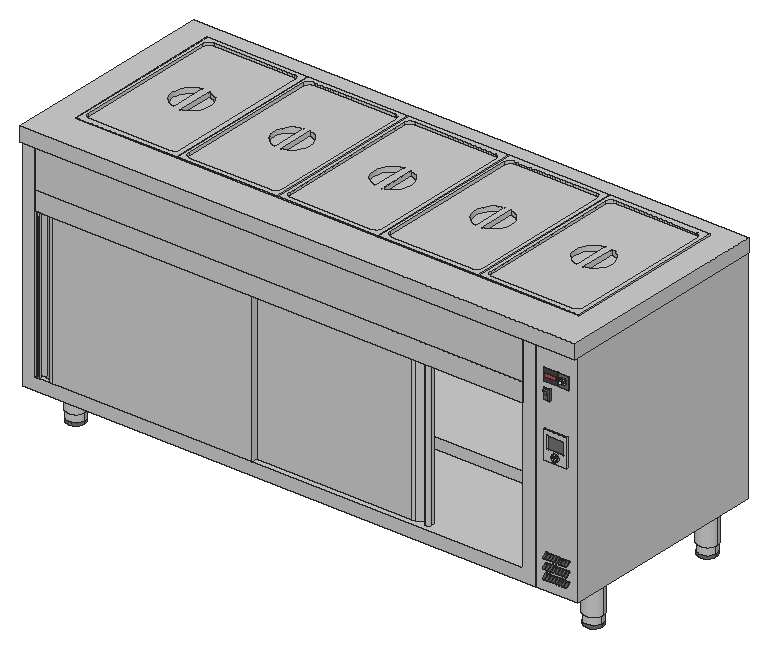
Revit family "QF_INOMAK_MDV718_250605105045", category Specialty Equipment, Revit 2021
Family settings
  Round Connector Dimension = Use Diameter
  Part Type = Normal
  OmniClass Number = 23.40.40.14
  OmniClass Title = Food Service Equipment
  Work Plane-Based = No
  Always vertical = Yes
  Cut with Voids When Loaded = No
  Shared = No
  Room Calculation Point = No
Parameters (values of type "MDV718")
  Weight [instance] = 73.0012 kg
  Waste Water Discharge Temperature [instance] = 0 °C
  Waste Remarks [instance] = ""
  Warranty Start Date [instance] = ""
  Warranty Duration [instance] = ""
  Volts [instance] = 230 V
  Volt Free Conn [instance] = no
  URL Recommended Spares List [instance] = ""
  URL Manufacturer [instance] = ""
  URL Cutsheet [instance] = ""
  URL Critical Spares List [instance] = ""
  URL = "www.inomak.com"
  Technical Documentation [instance] = ""
  Tag Number [instance] = ""
  Status [instance] = ""
  Start Up Current [instance] = 0 A
  Specification by User [instance] = ""
  Specification by Manufacturer [instance] = ""
  Sound Level [instance] = ""
  Show Logo [instance] = yes
  Show Clearances [instance] = yes
  Service Life Duration [instance] = ""
  Serial Number [instance] = ""
  Seismic Rating [instance] = ""
  SMACNA No [instance] = ""
  Revision Code [instance] = ""
  Revision [instance] = ""
  Production Year [instance] = ""
  Potential Equalisation [instance] = no
  Point Load [instance] = 0
  Plumbing Remarks [instance] = ""
  Plumbing Connection Type [instance] = ""
  Phase [instance] = 1
  Other Equipment Approvals [instance] = ""
  Operational Current [instance] = 0 A
  Odor Trap Included [instance] = no
  Number of Poles [instance] = 2
  No Load Power Draw [instance] = no
  National Water Regulation Certification [instance] = no
  NAFEM Spec ID Number [instance] = ""
  Model Warning [instance] = ""
  Model = "MDV718"
  Min Ckt Ampacity [instance] = 0 A
  Max Overcurrent Protection [instance] = 16 A
  Masterspec [instance] = ""
  Manufacturer = "INOMAK"
  Main switch integrated [instance] = no
  Length Actual [instance] = 1791.97 mm
  Item Number [instance] = ""
  Installed By [instance] = ""
  Installation Date [instance] = ""
  Indirect Waste Size [instance] = 25.4 mm
  Indirect Waste Remarks [instance] = ""
  Indirect Waste Flow [instance] = 0.0 L/s
  Indirect Waste Connection Type [instance] = ""
  Indirect Waste Connection Height [instance] = 0 mm
  Identify Quantity as Lot [instance] = no
  ID [instance] = ""
  Hygiene Approval [instance] = ""
  Height Actual [instance] = 899.922 mm
  HP power [instance] = ""
  Furnished By [instance] = ""
  Foodservice Equipment Identifier [instance] = no
  FL Amps [instance] = 11.3 A
  Electrical Remarks [instance] = ""
  Electric power [instance] = 2600 W
  Electric Connection Type [instance] = ""
  Elec Conn RI Height [instance] = 0 mm
  Elec Conn Connection Height [instance] = 0 mm
  ETL Approved [instance] = no
  Direct Waste Water Discharge Temperature [instance] = -273.15 °C
  Direct Waste Size [instance] = 25.4 mm
  Direct Waste RI Height [instance] = 0 mm
  Direct Waste Flow [instance] = 0.0 L/s
  Direct Waste Connection Height [instance] = 0 mm
  Description = "BAIN MARIE ON CUPBOARD WITH 4 GN PANS CAPACITY"
  Depth Actual [instance] = 700.024 mm
  Default Elevation = 0 mm
  Cycle [instance] = 50 Hz
  Cost = 0
  Connection to energy optimisation system [instance] = yes
  Conn Plug [instance] = ""
  Conn Conduit [instance] = no
  Cold Water Temperature Recommended [instance] = 0 °C
  Cold Water Size [instance] = 12.7 mm
  Cold Water Remarks [instance] = ""
  Cold Water RI Height [instance] = 0 mm
  Cold Water Quality [instance] = ""
  Cold Water Minimum Pressure [instance] = 200000.0 Pa
  Cold Water Maximum Pressure [instance] = 600000.0 Pa
  Cold Water Flow [instance] = 0.0 L/s
  Cold Water Connection Type [instance] = ""
  Cold Water Connection Height [instance] = 0 mm
  Centralized building control system with digital interface [instance] = ""
  CSI MasterFormat [instance] = ""
  CE Approved [instance] = no
  Barcode [instance] = 0
  Author [instance] = ""
  Asset Identifier [instance] = ""
  Apparent Power [instance] = 2600 VA
  Accessory [instance] = no
Reference planes
  plane 1 "Center (Front/Back)": y = 0
  plane 2: z = 0
  plane 3 "Center (Left/Right)": x = 0
Forms (mm)
  Extrusion 1, solid, not visible
    sketch origin (110.005, -510.025, 142.007) x (1, 0, 0) y (0, 1, 0)
      loop
        line (-2, 2) -> (-2, -2) -> (2, -2) -> (2, 2) -> (-2, 2)
    from -2 to 2
  Extrusion 2, solid, not visible
    sketch origin (110.005, -410.02, 142.007) x (1, 0, 0) y (0, 1, 0)
      loop
        line (-2, 2) -> (-2, -2) -> (2, -2) -> (2, 2) -> (-2, 2)
    from -2 to 2
  Extrusion 3, solid, not visible
    sketch origin (1745.085, -635.031, 142.007) x (1, 0, 0) y (0, 1, 0)
      loop
        line (-2, 2) -> (-2, -2) -> (2, -2) -> (2, 2) -> (-2, 2)
    from -2 to 2
Dimensions and locks
  locked: nested 2 to Extrusion 1 at 2  (x2)
  locked: nested 3 to Extrusion 2 at 2  (x2)
  locked: nested 4 to Extrusion 3 at 2  (x2)
  aligned and locked: level to plane 2
Nested families
  nested 1: "QF_INOMAK_CUPBOARD_BAIN_MARIES_1795_2920" at (0, 0, 140), type "MDV718"
    with Weight 73.0012 kg, Warranty Start Date "", Warranty Duration "", URL Cutsheet "", Technical Documentation "", Tag Number "", Status "", Specification by User "", Specification by Manufacturer "", Sound Level "", Solid Fuel Type "", Show Logo yes, Show Clearances yes, Service Life Duration "", Serial Number "", Seismic Rating "", SMACNA No "", Revision Code "", Revision "", Production Year "", Point Load 0, Other Equipment Approvals "", NAFEM Spec ID Number "", Model Warning "", Masterspec "", Length Actual 1791.97 mm, Item Number "", Installed By "", Installation Date "", Identify Quantity as Lot yes, ID "", Hygiene Approval "", Height Actual 899.922 mm, Furnished By "", Foodservice Equipment Identifier yes, ETL Approved yes, Depth Actual 700.024 mm, CSI MasterFormat "", CE Approved yes, Barcode "", Author "", Asset Identifier "", Accessory no
  nested 2: "CONN_POINT_COLDWATER_2D___Generic_Annotation" at (110.005, -510.025, 140.007), type "CONN_POINT_COLDWATER_2D___Generic_Annotation"
    with Onboard connection annotation symbol visibility yes
  nested 3: "CONN_POINT_DRAIN_2D___Generic_Annotation" at (110.005, -410.02, 140.007), type "CONN_POINT_DRAIN_2D___Generic_Annotation"
    with Onboard connection annotation symbol visibility yes
  nested 4: "CONN_POINT_ELE_2D___Generic_Annotation" at (1745.085, -635.031, 140.007), type "CONN_POINT_ELE_2D___Generic_Annotation"
    with Onboard connection annotation symbol visibility yes
  nested 5: "QF_INOMAK_LEGS_5089" at (0, 0, 0), type "LG-1795-700"
    with Weight 0.00 kg, Warranty Start Date "", Warranty Duration "", URL Cutsheet "", Technical Documentation "", Tag Number "", Status "", Specification by User "", Specification by Manufacturer "", Sound Level "", Solid Fuel Type "", Show Logo yes, Show Clearances yes, Service Life Duration "", Serial Number "", Seismic Rating "", SMACNA No "", Revision Code "", Revision "", Production Year "", Point Load 0, Other Equipment Approvals "", NAFEM Spec ID Number "", Model Warning "", Masterspec "", Length Actual 1791.97 mm, Item Number "", Installed By "", Installation Date "", Identify Quantity as Lot yes, ID "", Hygiene Approval "", Height Actual 139.954 mm, Furnished By "", Foodservice Equipment Identifier yes, ETL Approved yes, Depth Actual 700.024 mm, CSI MasterFormat "", CE Approved yes, Barcode "", Author "", Asset Identifier "", Accessory yes
Connectors
  piping at (110.005, -510.025, 140.007), diameter 12.7, driven by "Cold Water Size", driven by "Cold Water Flow"
    settings: on Extrusion 1, index 1, connector inside diameter 609.6 mm, connector length 0 mm, flow factor 0, pipe flow 0.0 L/s, pressure drop 0.0 Pa, fitting loss kfactor 0, connector angle 0.00°, fixture units 0, engagement length 0 mm, angle of deflection 0.00°, flow configuration 1, flow direction 1, fitting loss method 0, system type 20, joint type 0, gender type 0, connector reference index -1, connector utility 0, adjustable connector no, is connector primary yes, connector description "Cold Water connection for MDV718"
  piping at (110.005, -410.02, 140.007), diameter 25.4, driven by "Indirect Waste Size", driven by "Direct Waste Flow"
    settings: on Extrusion 2, index 2, connector inside diameter 609.6 mm, connector length 0 mm, flow factor 0, pipe flow 0.0 L/s, pressure drop 0.0 Pa, fitting loss kfactor 0, connector angle 0.00°, fixture units 0, engagement length 0 mm, angle of deflection 0.00°, flow configuration 1, flow direction 2, fitting loss method 0, system type 16, joint type 0, gender type 0, connector reference index -1, connector utility 0, adjustable connector no, is connector primary no, connector description "Waste connection for MDV718"
  electrical at (1745.085, -635.031, 140.007), driven by "Apparent Power", driven by "Number of Poles", driven by "Volts"
    settings: on Extrusion 3, index 3, voltage 230 V, apparent load 0 VA, apparent load phase1 2600 VA, apparent load phase2 0 VA, apparent load phase3 0 VA, power factor 1, load classification "Other", number of poles 2, system type 31, power factor state 1, is connector primary yes, connector utility no, sub classification motor no, connector description "Electrical connection for MDV718"
Definition of nested family "QF_INOMAK_CUPBOARD_BAIN_MARIES_1795_2920"
  Parameters (values of type "MDV718")
    Weight [instance] = 0.00 kg
    Warranty Start Date [instance] = ""
    Warranty Duration [instance] = ""
    URL Cutsheet [instance] = ""
    URL = "www.inomak.com"
    Technical Documentation [instance] = ""
    Tag Number [instance] = ""
    Status [instance] = ""
    Specification by User [instance] = ""
    Specification by Manufacturer [instance] = ""
    Sound Level [instance] = ""
    Solid Fuel Type [instance] = ""
    Show Logo [instance] = yes
    Show Clearances [instance] = yes
    Service Life Duration [instance] = ""
    Serial Number [instance] = ""
    Seismic Rating [instance] = ""
    SMACNA No [instance] = ""
    Revision Code [instance] = ""
    Revision [instance] = ""
    Production Year [instance] = ""
    Point Load [instance] = 0
    Other Equipment Approvals [instance] = ""
    NAFEM Spec ID Number [instance] = ""
    Model Warning [instance] = ""
    Model = "MDV718"
    Masterspec [instance] = ""
    Manufacturer = "INOMAK"
    Length Actual [instance] = 0 mm
    Item Number [instance] = ""
    Installed By [instance] = ""
    Installation Date [instance] = ""
    Identify Quantity as Lot [instance] = yes
    ID [instance] = ""
    Hygiene Approval [instance] = ""
    Height Actual [instance] = 0 mm
    Furnished By [instance] = ""
    Foodservice Equipment Identifier [instance] = yes
    ETL Approved [instance] = yes
    Description = "BAIN MARIE ON CUPBOARD WITH 4 GN PANS CAPACITY"
    Depth Actual [instance] = 0 mm
    Default Elevation = 0 mm
    CSI MasterFormat [instance] = ""
    CE Approved [instance] = yes
    Barcode [instance] = ""
    Author [instance] = ""
    Asset Identifier [instance] = ""
    Assembly Code = "E1090320"
    Accessory [instance] = yes
  Types (10, lengths in mm): name | Model | Description
    MFV718 | "MFV718" | "BAIN MARIE ON CUPBOARD WITH 4 GN PANS CAPACITY AND SHOWCASE"
    MHV718 | "MHV718" | "BAIN MARIE ON HEATED CUPBOARD WITH 4 GN PANS CAPACITY"
    MJV718 | "MJV718" | "BAIN MARIE ON HEATED CUPBOARD WITH 4 GN PANS CAPACITY AND SINGLE SNEEZE GUARD"
    MQV718 | "MQV718" | "BAIN MARIE ON HEATED CUPBOARD WITH 4 GN PANS CAPACITY AND DOUBLE SNEEZE GUARD"
    MISQ718 | "MISQ718" | "BAIN MARIE ON HEATED CUPBOARD WITH 4 GN PANS CAPACITY AND SQUARE SHOWCASE"
    MDV718 | "MDV718" | "BAIN MARIE ON CUPBOARD WITH 4 GN PANS CAPACITY"
    MVV718 | "MVV718" | "BAIN MARIE ON CUPBOARD WITH 4 GN PANS CAPACITY AND SINGLE SNEEZE GUARD"
    MRV718 | "MRV718" | "BAIN MARIE ON CUPBOARD WITH 4 GN PANS CAPACITY AND DOUBLE SNEEZE GUARD"
    MFSQ718 | "MFSQ718" | "BAIN MARIE ON CUPBOARD WITH 4 GN PANS CAPACITY AND SQUARE SHOWCASE"
    MIV718 | "MIV718" | "BAIN MARIE ON HEATED CUPBOARD WITH 4 GN PANS CAPACITY AND SHOWCASE"
  Reference planes
    plane 1 "Back": y = 0
    plane 2: z = 0
    plane 3 "Left": x = 0
    plane 4 "Right": x = 1792
    plane 5 "Front": y = -700
    plane 6 "Top": z = 756
  Forms (mm)
    Extrusion 1, solid
      sketch origin (1168.283, -707, -123.631) x (-1, 0, 0) y (0, 0, 1)
        loop
          arc (-522.253, 235.165) -> (-526.351, 236.263) -> (-527.449, 232.165) r 3
          line (-527.449, 232.165) -> (-518.449, 216.577)
          arc (-518.449, 216.577) -> (-514.351, 215.479) -> (-513.253, 219.577) r 3
          line (-513.253, 219.577) -> (-522.253, 235.165)
        loop
          arc (-532.253, 235.165) -> (-536.351, 236.263) -> (-537.449, 232.165) r 3
          line (-537.449, 232.165) -> (-528.449, 216.577)
          arc (-528.449, 216.577) -> (-524.351, 215.479) -> (-523.253, 219.577) r 3
          line (-523.253, 219.577) -> (-532.253, 235.165)
        loop
          arc (-542.253, 235.165) -> (-546.351, 236.263) -> (-547.449, 232.165) r 3
          line (-547.449, 232.165) -> (-538.449, 216.577)
          arc (-538.449, 216.577) -> (-534.351, 215.479) -> (-533.253, 219.577) r 3
          line (-533.253, 219.577) -> (-542.253, 235.165)
        loop
          arc (-552.253, 235.165) -> (-556.351, 236.263) -> (-557.449, 232.165) r 3
          line (-557.449, 232.165) -> (-548.449, 216.577)
          arc (-548.449, 216.577) -> (-544.351, 215.479) -> (-543.253, 219.577) r 3
          line (-543.253, 219.577) -> (-552.253, 235.165)
        loop
          arc (-562.253, 235.165) -> (-566.351, 236.263) -> (-567.449, 232.165) r 3
          line (-567.449, 232.165) -> (-558.449, 216.577)
          arc (-558.449, 216.577) -> (-554.351, 215.479) -> (-553.253, 219.577) r 3
          line (-553.253, 219.577) -> (-562.253, 235.165)
        loop
          arc (-572.253, 235.165) -> (-576.351, 236.263) -> (-577.449, 232.165) r 3
          line (-577.449, 232.165) -> (-568.449, 216.577)
          arc (-568.449, 216.577) -> (-564.351, 215.479) -> (-563.253, 219.577) r 3
          line (-563.253, 219.577) -> (-572.253, 235.165)
        loop
          arc (-582.253, 235.165) -> (-586.351, 236.263) -> (-587.449, 232.165) r 3
          line (-587.449, 232.165) -> (-578.449, 216.577)
          arc (-578.449, 216.577) -> (-574.351, 215.479) -> (-573.253, 219.577) r 3
          line (-573.253, 219.577) -> (-582.253, 235.165)
        loop
          arc (-592.253, 235.165) -> (-596.351, 236.263) -> (-597.449, 232.165) r 3
          line (-597.449, 232.165) -> (-588.449, 216.577)
          arc (-588.449, 216.577) -> (-584.351, 215.479) -> (-583.253, 219.577) r 3
          line (-583.253, 219.577) -> (-592.253, 235.165)
        loop
          arc (-522.253, 205.165) -> (-526.351, 206.263) -> (-527.449, 202.165) r 3
          line (-527.449, 202.165) -> (-518.449, 186.577)
          arc (-518.449, 186.577) -> (-514.351, 185.479) -> (-513.253, 189.577) r 3
          line (-513.253, 189.577) -> (-522.253, 205.165)
        loop
          arc (-532.253, 205.165) -> (-536.351, 206.263) -> (-537.449, 202.165) r 3
          line (-537.449, 202.165) -> (-528.449, 186.577)
          arc (-528.449, 186.577) -> (-524.351, 185.479) -> (-523.253, 189.577) r 3
          line (-523.253, 189.577) -> (-532.253, 205.165)
        loop
          arc (-542.253, 205.165) -> (-546.351, 206.263) -> (-547.449, 202.165) r 3
          line (-547.449, 202.165) -> (-538.449, 186.577)
          arc (-538.449, 186.577) -> (-534.351, 185.479) -> (-533.253, 189.577) r 3
          line (-533.253, 189.577) -> (-542.253, 205.165)
        loop
          arc (-552.253, 205.165) -> (-556.351, 206.263) -> (-557.449, 202.165) r 3
          line (-557.449, 202.165) -> (-548.449, 186.577)
          arc (-548.449, 186.577) -> (-544.351, 185.479) -> (-543.253, 189.577) r 3
          line (-543.253, 189.577) -> (-552.253, 205.165)
        loop
          arc (-562.253, 205.165) -> (-566.351, 206.263) -> (-567.449, 202.165) r 3
          line (-567.449, 202.165) -> (-558.449, 186.577)
          arc (-558.449, 186.577) -> (-554.351, 185.479) -> (-553.253, 189.577) r 3
          line (-553.253, 189.577) -> (-562.253, 205.165)
        loop
          arc (-572.253, 205.165) -> (-576.351, 206.263) -> (-577.449, 202.165) r 3
          line (-577.449, 202.165) -> (-568.449, 186.577)
          arc (-568.449, 186.577) -> (-564.351, 185.479) -> (-563.253, 189.577) r 3
          line (-563.253, 189.577) -> (-572.253, 205.165)
        loop
          arc (-582.253, 205.165) -> (-586.351, 206.263) -> (-587.449, 202.165) r 3
          line (-587.449, 202.165) -> (-578.449, 186.577)
          arc (-578.449, 186.577) -> (-574.351, 185.479) -> (-573.253, 189.577) r 3
          line (-573.253, 189.577) -> (-582.253, 205.165)
        loop
          arc (-592.253, 205.165) -> (-596.351, 206.263) -> (-597.449, 202.165) r 3
          line (-597.449, 202.165) -> (-588.449, 186.577)
          arc (-588.449, 186.577) -> (-584.351, 185.479) -> (-583.253, 189.577) r 3
          line (-583.253, 189.577) -> (-592.253, 205.165)
        loop
          arc (-522.253, 175.165) -> (-526.351, 176.263) -> (-527.449, 172.165) r 3
          line (-527.449, 172.165) -> (-518.449, 156.577)
          arc (-518.449, 156.577) -> (-514.351, 155.479) -> (-513.253, 159.577) r 3
          line (-513.253, 159.577) -> (-522.253, 175.165)
        loop
          arc (-532.253, 175.165) -> (-536.351, 176.263) -> (-537.449, 172.165) r 3
          line (-537.449, 172.165) -> (-528.449, 156.577)
          arc (-528.449, 156.577) -> (-524.351, 155.479) -> (-523.253, 159.577) r 3
          line (-523.253, 159.577) -> (-532.253, 175.165)
        loop
          arc (-542.253, 175.165) -> (-546.351, 176.263) -> (-547.449, 172.165) r 3
          line (-547.449, 172.165) -> (-538.449, 156.577)
          arc (-538.449, 156.577) -> (-534.351, 155.479) -> (-533.253, 159.577) r 3
          line (-533.253, 159.577) -> (-542.253, 175.165)
        loop
          arc (-552.253, 175.165) -> (-556.351, 176.263) -> (-557.449, 172.165) r 3
          line (-557.449, 172.165) -> (-548.449, 156.577)
          arc (-548.449, 156.577) -> (-544.351, 155.479) -> (-543.253, 159.577) r 3
          line (-543.253, 159.577) -> (-552.253, 175.165)
        loop
          arc (-562.253, 175.165) -> (-566.351, 176.263) -> (-567.449, 172.165) r 3
          line (-567.449, 172.165) -> (-558.449, 156.577)
          arc (-558.449, 156.577) -> (-554.351, 155.479) -> (-553.253, 159.577) r 3
          line (-553.253, 159.577) -> (-562.253, 175.165)
        loop
          arc (-572.253, 175.165) -> (-576.351, 176.263) -> (-577.449, 172.165) r 3
          line (-577.449, 172.165) -> (-568.449, 156.577)
          arc (-568.449, 156.577) -> (-564.351, 155.479) -> (-563.253, 159.577) r 3
          line (-563.253, 159.577) -> (-572.253, 175.165)
        loop
          arc (-582.253, 175.165) -> (-586.351, 176.263) -> (-587.449, 172.165) r 3
          line (-587.449, 172.165) -> (-578.449, 156.577)
          arc (-578.449, 156.577) -> (-574.351, 155.479) -> (-573.253, 159.577) r 3
          line (-573.253, 159.577) -> (-582.253, 175.165)
        loop
          arc (-592.253, 175.165) -> (-596.351, 176.263) -> (-597.449, 172.165) r 3
          line (-597.449, 172.165) -> (-588.449, 156.577)
          arc (-588.449, 156.577) -> (-584.351, 155.479) -> (-583.253, 159.577) r 3
          line (-583.253, 159.577) -> (-592.253, 175.165)
      from 16.5 to 18.5
    Extrusion 2, solid
      sketch origin (1476.266, -692, 538.514) x (-1, 0, 0) y (0, 0, 1)
        loop
          line (-208.234, 108.408) -> (-253.234, 108.408) -> (-253.234, 68.408) -> (-208.234, 68.408) -> (-208.234, 108.408)
      from 0 to 2
    Extrusion 3, solid
      sketch origin (754.5, -693, 539.422) x (-1, 0, 0) y (0, 0, 1)
        loop
          line (-950, 15) -> (-930, 15) -> (-930, 50) -> (-950, 50) -> (-950, 15)
      from 0 to 3
    Extrusion 4, solid
      sketch origin (782.5, -568, 539.422) x (0, 1, 0) y (0, 0, 1)
        loop
          line (-125, 18) -> (-125, 47)
          arc (-125, 47) -> (-127.961, 46.812) -> (-130.754, 45.81) r 10.576
          line (-130.754, 45.81) -> (-128, 32.5) -> (-128, 18) -> (-125, 18)
      from 905 to 919
    Extrusion 5, solid
      sketch origin (1521.266, -692, 538.514) x (-1, 0, 0) y (0, 0, 1)
        loop
          line (-208.234, 108.408) -> (-243.234, 108.408) -> (-243.234, 68.408) -> (-208.234, 68.408) -> (-208.234, 108.408)
      from 0 to 2
    Extrusion 6, solid
      sketch origin (1476.266, -692.5, 538.514) x (-1, 0, 0) y (0, 0, 1)
        loop
          line (-213.234, 94.908) -> (-248.234, 94.908) -> (-248.234, 81.908) -> (-213.234, 81.908) -> (-213.234, 94.908)
      from 0 to 2.5
    Extrusion 7, solid
      sketch origin (1476.266, -692.5, 538.514) x (-1, 0, 0) y (0, 0, 1)
        loop
          line (-271.558, 91.171) -> (-275.802, 98.522) -> (-280.047, 91.171) -> (-271.558, 91.171)
        loop
          line (-271.558, 85.645) -> (-280.047, 85.645) -> (-275.802, 78.294) -> (-271.558, 85.645)
        loop
          line (-257.397, 85.645) -> (-267.397, 85.645) -> (-267.397, 78.294) -> (-257.397, 78.294) -> (-257.397, 85.645)
        loop
          line (-265.397, 98.522) -> (-267.397, 98.522) -> (-267.397, 92.322) -> (-259.549, 92.322) -> (-259.549, 91.171) -> (-257.397, 93.322) -> (-259.549, 95.474) -> (-259.549, 94.322) -> (-265.397, 94.322) -> (-265.397, 98.522)
      from 0 to 2.5
    Extrusion 8, solid
      sketch origin (28.5, 0, 488) x (1, 0, 0) y (0, 1, 0)
        loop
          line (55, -50) -> (55, -580) -> (380, -580) -> (380, -50) -> (55, -50)
        loop
          arc (87.5, -65) -> (73.358, -70.858) -> (67.5, -85) r 20
          line (67.5, -85) -> (67.5, -545.415)
          arc (67.5, -545.415) -> (73.358, -559.557) -> (87.5, -565.415) r 20
          line (87.5, -565.415) -> (347.5, -565.415)
          arc (347.5, -565.415) -> (361.642, -559.557) -> (367.5, -545.415) r 20
          line (367.5, -545.415) -> (367.5, -85)
          arc (367.5, -85) -> (361.642, -70.858) -> (347.5, -65) r 20
          line (347.5, -65) -> (87.5, -65)
      from 222 to 270
    Extrusion 9, solid
      sketch origin (28.5, 0, 481) x (1, 0, 0) y (0, 1, 0)
        loop
          arc (67.5, -545.415) -> (73.358, -559.557) -> (87.5, -565.415) r 20
          line (87.5, -565.415) -> (347.5, -565.415)
          arc (347.5, -565.415) -> (361.642, -559.557) -> (367.5, -545.415) r 20
          line (367.5, -545.415) -> (367.5, -85)
          arc (367.5, -85) -> (361.642, -70.858) -> (347.5, -65) r 20
          line (347.5, -65) -> (87.5, -65)
          arc (87.5, -65) -> (73.358, -70.858) -> (67.5, -85) r 20
          line (67.5, -85) -> (67.5, -545.415)
      from 229 to 270
    Extrusion 10, void
      sketch origin (28.5, 0, 496) x (1, 0, 0) y (0, 1, 0)
        loop
          arc (207.5, -256.046) -> (157.5, -315.207) -> (207.5, -374.368) r 60
          line (207.5, -374.368) -> (207.5, -256.046)
        loop
          line (227.5, -256.046) -> (227.5, -374.368)
          arc (227.5, -374.368) -> (277.5, -315.207) -> (227.5, -256.046) r 60
      from 240 to 270
    Extrusion 11, solid
      sketch origin (353.5, 0, 488) x (1, 0, 0) y (0, 1, 0)
        loop
          line (55, -50) -> (55, -580) -> (380, -580) -> (380, -50) -> (55, -50)
        loop
          arc (87.5, -65) -> (73.358, -70.858) -> (67.5, -85) r 20
          line (67.5, -85) -> (67.5, -545.415)
          arc (67.5, -545.415) -> (73.358, -559.557) -> (87.5, -565.415) r 20
          line (87.5, -565.415) -> (347.5, -565.415)
          arc (347.5, -565.415) -> (361.642, -559.557) -> (367.5, -545.415) r 20
          line (367.5, -545.415) -> (367.5, -85)
          arc (367.5, -85) -> (361.642, -70.858) -> (347.5, -65) r 20
          line (347.5, -65) -> (87.5, -65)
      from 222 to 270
    Extrusion 12, solid
      sketch origin (353.5, 0, 481) x (1, 0, 0) y (0, 1, 0)
        loop
          arc (67.5, -545.415) -> (73.358, -559.557) -> (87.5, -565.415) r 20
          line (87.5, -565.415) -> (347.5, -565.415)
          arc (347.5, -565.415) -> (361.642, -559.557) -> (367.5, -545.415) r 20
          line (367.5, -545.415) -> (367.5, -85)
          arc (367.5, -85) -> (361.642, -70.858) -> (347.5, -65) r 20
          line (347.5, -65) -> (87.5, -65)
          arc (87.5, -65) -> (73.358, -70.858) -> (67.5, -85) r 20
          line (67.5, -85) -> (67.5, -545.415)
      from 229 to 270
    Extrusion 13, void
      sketch origin (353.5, 0, 496) x (1, 0, 0) y (0, 1, 0)
        loop
          arc (207.5, -256.046) -> (157.5, -315.207) -> (207.5, -374.368) r 60
          line (207.5, -374.368) -> (207.5, -256.046)
        loop
          line (227.5, -256.046) -> (227.5, -374.368)
          arc (227.5, -374.368) -> (277.5, -315.207) -> (227.5, -256.046) r 60
      from 240 to 270
    Extrusion 14, solid
      sketch origin (1003.5, 0, 488) x (1, 0, 0) y (0, 1, 0)
        loop
          line (55, -50) -> (55, -580) -> (380, -580) -> (380, -50) -> (55, -50)
        loop
          arc (87.5, -65) -> (73.358, -70.858) -> (67.5, -85) r 20
          line (67.5, -85) -> (67.5, -545.415)
          arc (67.5, -545.415) -> (73.358, -559.557) -> (87.5, -565.415) r 20
          line (87.5, -565.415) -> (347.5, -565.415)
          arc (347.5, -565.415) -> (361.642, -559.557) -> (367.5, -545.415) r 20
          line (367.5, -545.415) -> (367.5, -85)
          arc (367.5, -85) -> (361.642, -70.858) -> (347.5, -65) r 20
          line (347.5, -65) -> (87.5, -65)
      from 222 to 270
    Extrusion 15, solid
      sketch origin (1003.5, 0, 481) x (1, 0, 0) y (0, 1, 0)
        loop
          arc (67.5, -545.415) -> (73.358, -559.557) -> (87.5, -565.415) r 20
          line (87.5, -565.415) -> (347.5, -565.415)
          arc (347.5, -565.415) -> (361.642, -559.557) -> (367.5, -545.415) r 20
          line (367.5, -545.415) -> (367.5, -85)
          arc (367.5, -85) -> (361.642, -70.858) -> (347.5, -65) r 20
          line (347.5, -65) -> (87.5, -65)
          arc (87.5, -65) -> (73.358, -70.858) -> (67.5, -85) r 20
          line (67.5, -85) -> (67.5, -545.415)
      from 229 to 270
    Extrusion 16, void
      sketch origin (1003.5, 0, 496) x (1, 0, 0) y (0, 1, 0)
        loop
          arc (207.5, -256.046) -> (157.5, -315.207) -> (207.5, -374.368) r 60
          line (207.5, -374.368) -> (207.5, -256.046)
        loop
          line (227.5, -256.046) -> (227.5, -374.368)
          arc (227.5, -374.368) -> (277.5, -315.207) -> (227.5, -256.046) r 60
      from 240 to 270
    Extrusion 17, solid
      sketch origin (0, 0, 706) x (1, 0, 0) y (0, 1, 0)
        loop
          line (0, 0) -> (0, -700) -> (1792, -700) -> (1792, 0) -> (0, 0)
        loop
          line (83.5, -50) -> (83.5, -580) -> (1708.5, -580) -> (1708.5, -50) -> (83.5, -50)
      from 4 to 50
    Extrusion 18, solid
      sketch origin (0, 0, 0) x (1, 0, 0) y (0, 1, 0)
        loop
          line (0, -690) -> (40, -690) -> (40, -40) -> (1617, -40) -> (1617, -690) -> (1657, -690) -> (1657, 0) -> (0, 0) -> (0, -690)
      from 0 to 710
    Extrusion 19, solid
      sketch origin (687, 0, 0) x (1, 0, 0) y (0, 1, 0)
        loop
          line (970, 0) -> (970, -690) -> (1105, -690) -> (1105, 0) -> (970, 0)
      from 0 to 710
    Extrusion 20, solid
      sketch origin (-130, -690, 0) x (-1, 0, 0) y (0, 1, 0)
        loop
          line (-170, 10) -> (-170, 20) -> (-868.5, 20) -> (-868.5, 0) -> (-226.156, 0)
          arc (-226.156, 0) -> (-220.272, 0.885) -> (-214.91, 3.461) r 20
          line (-214.91, 3.461) -> (-195, 17) -> (-173, 17) -> (-173, 10)
          arc (-173, 10) -> (-175.05, 5.05) -> (-180, 3) r 7
          line (-180, 3) -> (-185.012, 3) -> (-185.012, 0) -> (-180, 0)
          arc (-180, 0) -> (-172.929, 2.929) -> (-170, 10) r 10
      from -40 to -520
    Extrusion 21, solid
      sketch origin (367, -690, 0) x (-1, 0, 0) y (0, 1, 0)
        loop
          arc (-930, 30) -> (-927.071, 22.929) -> (-920, 20) r 10
          line (-920, 20) -> (-914.988, 20) -> (-914.988, 23) -> (-920, 23)
          arc (-920, 23) -> (-924.95, 25.05) -> (-927, 30) r 7
          line (-927, 30) -> (-927, 37) -> (-905, 37) -> (-885.09, 23.461)
          arc (-885.09, 23.461) -> (-879.728, 20.885) -> (-873.844, 20) r 20
          line (-873.844, 20) -> (-231.5, 20) -> (-231.5, 40) -> (-930, 40) -> (-930, 30)
      from -40 to -520
    Extrusion 22, solid
      sketch origin (0, 0, 0) x (1, 0, 0) y (0, 1, 0)
        loop
          line (40, -40) -> (40, -690) -> (1620, -690) -> (1620, -40) -> (40, -40)
      from 0 to 40
    Extrusion 23, solid
      sketch origin (0.5, 0, 672.314) x (1, 0, 0) y (0, 1, 0)
        loop
          line (39.5, -40) -> (39.5, -690) -> (1616.5, -690) -> (1616.5, -40) -> (39.5, -40)
      from -92.314 to 37.686
    Extrusion 24, solid
      sketch origin (-1.5, 0, 610.314) x (1, 0, 0) y (0, 1, 0)
        loop
          line (41.5, -40) -> (41.5, -690) -> (1618.5, -690) -> (1618.5, -40) -> (41.5, -40)
      from -90.314 to -30.314
    Extrusion 25, solid
      sketch origin (-1.5, 0, 252.5) x (1, 0, 0) y (0, 1, 0)
        loop
          line (41.5, -40) -> (41.5, -645) -> (1618.5, -645) -> (1618.5, -40) -> (41.5, -40)
      from 0 to 35
    Extrusion 26, solid
      sketch origin (694.002, -695, 50) x (-1, 0, 0) y (0, 0, 1)
        loop
          line (-992.998, 421.076) -> (-1067.998, 421.076) -> (-1067.998, 331.076) -> (-992.998, 331.076) -> (-992.998, 421.076)
        loop
          line (-1003.957, 406.276) -> (-1058.957, 406.276) -> (-1058.957, 366.276) -> (-1003.957, 366.276) -> (-1003.957, 406.276)
      from 0 to 5
    Extrusion 27, solid
      sketch origin (694.002, -692, 50) x (-1, 0, 0) y (0, 0, 1)
        loop
          line (-1003.957, 406.276) -> (-1058.957, 406.276) -> (-1058.957, 366.276) -> (-1003.957, 366.276) -> (-1003.957, 406.276)
      from 0 to 2
    Revolve 28, solid
      sketch origin (1724.5, 59.612, -3292.415) x (0, 1, 0) y (0, 0, 1)
        loop
          line (-757.012, 3691.152) -> (-754.612, 3691.152) -> (-754.612, 3701.789) -> (-757.662, 3701.789) -> (-759.012, 3699.998) -> (-757.012, 3699.998) -> (-757.012, 3691.152)
        axis (-754.612, 3691.152) -> (-759.012, 3691.152)
      angle from 0 to 360
    Extrusion 29, solid
      sketch origin (-367.127, -695, 2689.585) x (-1, 0, 0) y (0, 0, 1)
        loop
          line (-2090.827, -2287.348) -> (-2092.827, -2287.348) -> (-2092.827, -2294.348) -> (-2090.827, -2294.348) -> (-2090.827, -2287.348)
        loop
          circle (-2091.627, -2290.848) r 7.846
      from -4.4 to -2.4
    Extrusion 30, solid
      sketch origin (678.5, 0, 488) x (1, 0, 0) y (0, 1, 0)
        loop
          line (55, -50) -> (55, -580) -> (380, -580) -> (380, -50) -> (55, -50)
        loop
          arc (87.5, -65) -> (73.358, -70.858) -> (67.5, -85) r 20
          line (67.5, -85) -> (67.5, -545.415)
          arc (67.5, -545.415) -> (73.358, -559.557) -> (87.5, -565.415) r 20
          line (87.5, -565.415) -> (347.5, -565.415)
          arc (347.5, -565.415) -> (361.642, -559.557) -> (367.5, -545.415) r 20
          line (367.5, -545.415) -> (367.5, -85)
          arc (367.5, -85) -> (361.642, -70.858) -> (347.5, -65) r 20
          line (347.5, -65) -> (87.5, -65)
      from 222 to 270
    Extrusion 31, solid
      sketch origin (678.5, 0, 481) x (1, 0, 0) y (0, 1, 0)
        loop
          arc (67.5, -545.415) -> (73.358, -559.557) -> (87.5, -565.415) r 20
          line (87.5, -565.415) -> (347.5, -565.415)
          arc (347.5, -565.415) -> (361.642, -559.557) -> (367.5, -545.415) r 20
          line (367.5, -545.415) -> (367.5, -85)
          arc (367.5, -85) -> (361.642, -70.858) -> (347.5, -65) r 20
          line (347.5, -65) -> (87.5, -65)
          arc (87.5, -65) -> (73.358, -70.858) -> (67.5, -85) r 20
          line (67.5, -85) -> (67.5, -545.415)
      from 229 to 270
    Extrusion 32, void
      sketch origin (678.5, 0, 496) x (1, 0, 0) y (0, 1, 0)
        loop
          arc (207.5, -256.046) -> (157.5, -315.207) -> (207.5, -374.368) r 60
          line (207.5, -374.368) -> (207.5, -256.046)
        loop
          line (227.5, -256.046) -> (227.5, -374.368)
          arc (227.5, -374.368) -> (277.5, -315.207) -> (227.5, -256.046) r 60
      from 240 to 270
    Extrusion 33, solid
      sketch origin (1328.5, 0, 488) x (1, 0, 0) y (0, 1, 0)
        loop
          line (55, -50) -> (55, -580) -> (380, -580) -> (380, -50) -> (55, -50)
        loop
          arc (87.5, -65) -> (73.358, -70.858) -> (67.5, -85) r 20
          line (67.5, -85) -> (67.5, -545.415)
          arc (67.5, -545.415) -> (73.358, -559.557) -> (87.5, -565.415) r 20
          line (87.5, -565.415) -> (347.5, -565.415)
          arc (347.5, -565.415) -> (361.642, -559.557) -> (367.5, -545.415) r 20
          line (367.5, -545.415) -> (367.5, -85)
          arc (367.5, -85) -> (361.642, -70.858) -> (347.5, -65) r 20
          line (347.5, -65) -> (87.5, -65)
      from 222 to 270
    Extrusion 34, solid
      sketch origin (1328.5, 0, 481) x (1, 0, 0) y (0, 1, 0)
        loop
          arc (67.5, -545.415) -> (73.358, -559.557) -> (87.5, -565.415) r 20
          line (87.5, -565.415) -> (347.5, -565.415)
          arc (347.5, -565.415) -> (361.642, -559.557) -> (367.5, -545.415) r 20
          line (367.5, -545.415) -> (367.5, -85)
          arc (367.5, -85) -> (361.642, -70.858) -> (347.5, -65) r 20
          line (347.5, -65) -> (87.5, -65)
          arc (87.5, -65) -> (73.358, -70.858) -> (67.5, -85) r 20
          line (67.5, -85) -> (67.5, -545.415)
      from 229 to 270
    Extrusion 35, void
      sketch origin (1328.5, 0, 496) x (1, 0, 0) y (0, 1, 0)
        loop
          arc (207.5, -256.046) -> (157.5, -315.207) -> (207.5, -374.368) r 60
          line (207.5, -374.368) -> (207.5, -256.046)
        loop
          line (227.5, -256.046) -> (227.5, -374.368)
          arc (227.5, -374.368) -> (277.5, -315.207) -> (227.5, -256.046) r 60
      from 240 to 270
  Cuts and joins
    Extrusion 10, Extrusion 13 cuts Extrusion 9
    Extrusion 13, Extrusion 16, Extrusion 32 cuts Extrusion 12
    Extrusion 16, Extrusion 35 cuts Extrusion 15
    joined: Extrusion 18, Extrusion 22
    Extrusion 32 cuts Extrusion 31
    Extrusion 35 cuts Extrusion 34
  Lines and regions (mm)
    symbolic lines
      curve 1: line (0, 0, 0) -> (1792, 0, 0)
      curve 2: line (0, -700, 0) -> (0, 0, 0)
      curve 3: line (1792, -700, 0) -> (0, -700, 0)
      curve 4: line (1792, 0, 0) -> (1792, -700, 0)
      curve 5: line (83.5, -50, 0) -> (1708.5, -50, 0)
      curve 6: line (83.5, -580, 0) -> (83.5, -50, 0)
      curve 7: line (1708.5, -580, 0) -> (83.5, -580, 0)
      curve 8: line (733.5, -50, 0) -> (733.5, -580, 0)
      curve 9: line (408.5, -50, 0) -> (408.5, -580, 0)
      curve 10: line (1708.5, -50, 0) -> (1708.5, -580, 0)
      curve 11: line (1058.5, -50, 0) -> (1058.5, -580, 0)
      curve 12: line (1383.5, -50, 0) -> (1383.5, -580, 0)
      curve 13: line (116, -65, 0) -> (376, -65, 0)
      curve 14: arc (376, -65, 0) -> (390.142, -70.858, 0) -> (396, -85, 0) r 20
      curve 15: line (396, -85, 0) -> (396, -545.415, 0)
      curve 16: arc (396, -545.415, 0) -> (390.142, -559.557, 0) -> (376, -565.415, 0) r 20
      curve 17: line (376, -565.415, 0) -> (116, -565.415, 0)
      curve 18: arc (116, -565.415, 0) -> (101.858, -559.557, 0) -> (96, -545.415, 0) r 20
      curve 19: line (96, -545.415, 0) -> (96, -85, 0)
      curve 20: arc (96, -85, 0) -> (101.858, -70.858, 0) -> (116, -65, 0) r 20
      curve 21: arc (236, -256.046, 0) -> (186, -315.207, 0) -> (236, -374.368, 0) r 60
      curve 22: line (236, -374.368, 0) -> (236, -256.046, 0)
      curve 23: line (256, -256.046, 0) -> (256, -374.368, 0)
      curve 24: arc (256, -374.368, 0) -> (306, -315.207, 0) -> (256, -256.046, 0) r 60
      curve 25: line (441, -65, 0) -> (701, -65, 0)
      curve 26: arc (701, -65, 0) -> (715.142, -70.858, 0) -> (721, -85, 0) r 20
      curve 27: line (721, -85, 0) -> (721, -545.415, 0)
      curve 28: arc (721, -545.415, 0) -> (715.142, -559.557, 0) -> (701, -565.415, 0) r 20
      curve 29: line (701, -565.415, 0) -> (441, -565.415, 0)
      curve 30: arc (441, -565.415, 0) -> (426.858, -559.557, 0) -> (421, -545.415, 0) r 20
      curve 31: line (421, -545.415, 0) -> (421, -85, 0)
      curve 32: arc (421, -85, 0) -> (426.858, -70.858, 0) -> (441, -65, 0) r 20
      curve 33: arc (561, -256.046, 0) -> (511, -315.207, 0) -> (561, -374.368, 0) r 60
      curve 34: line (561, -374.368, 0) -> (561, -256.046, 0)
      curve 35: line (581, -256.046, 0) -> (581, -374.368, 0)
      curve 36: arc (581, -374.368, 0) -> (631, -315.207, 0) -> (581, -256.046, 0) r 60
      curve 37: line (766, -65, 0) -> (1026, -65, 0)
      curve 38: arc (1026, -65, 0) -> (1040.142, -70.858, 0) -> (1046, -85, 0) r 20
      curve 39: line (1046, -85, 0) -> (1046, -545.415, 0)
      curve 40: arc (1046, -545.415, 0) -> (1040.142, -559.557, 0) -> (1026, -565.415, 0) r 20
      curve 41: line (1026, -565.415, 0) -> (766, -565.415, 0)
      curve 42: arc (766, -565.415, 0) -> (751.858, -559.557, 0) -> (746, -545.415, 0) r 20
      curve 43: line (746, -545.415, 0) -> (746, -85, 0)
      curve 44: arc (746, -85, 0) -> (751.858, -70.858, 0) -> (766, -65, 0) r 20
      curve 45: arc (886, -256.046, 0) -> (836, -315.207, 0) -> (886, -374.368, 0) r 60
      curve 46: line (886, -374.368, 0) -> (886, -256.046, 0)
      curve 47: line (906, -256.046, 0) -> (906, -374.368, 0)
      curve 48: arc (906, -374.368, 0) -> (956, -315.207, 0) -> (906, -256.046, 0) r 60
      curve 49: line (1091, -65, 0) -> (1351, -65, 0)
      curve 50: arc (1351, -65, 0) -> (1365.142, -70.858, 0) -> (1371, -85, 0) r 20
      curve 51: line (1371, -85, 0) -> (1371, -545.415, 0)
      curve 52: arc (1371, -545.415, 0) -> (1365.142, -559.557, 0) -> (1351, -565.415, 0) r 20
      curve 53: line (1351, -565.415, 0) -> (1091, -565.415, 0)
      curve 54: arc (1091, -565.415, 0) -> (1076.858, -559.557, 0) -> (1071, -545.415, 0) r 20
      curve 55: line (1071, -545.415, 0) -> (1071, -85, 0)
      curve 56: arc (1071, -85, 0) -> (1076.858, -70.858, 0) -> (1091, -65, 0) r 20
      curve 57: arc (1211, -256.046, 0) -> (1161, -315.207, 0) -> (1211, -374.368, 0) r 60
      curve 58: line (1211, -374.368, 0) -> (1211, -256.046, 0)
      curve 59: line (1231, -256.046, 0) -> (1231, -374.368, 0)
      curve 60: arc (1231, -374.368, 0) -> (1281, -315.207, 0) -> (1231, -256.046, 0) r 60
      curve 61: line (1416, -65, 0) -> (1676, -65, 0)
      curve 62: arc (1676, -65, 0) -> (1690.142, -70.858, 0) -> (1696, -85, 0) r 20
      curve 63: line (1696, -85, 0) -> (1696, -545.415, 0)
      curve 64: arc (1696, -545.415, 0) -> (1690.142, -559.557, 0) -> (1676, -565.415, 0) r 20
      curve 65: line (1676, -565.415, 0) -> (1416, -565.415, 0)
      curve 66: arc (1416, -565.415, 0) -> (1401.858, -559.557, 0) -> (1396, -545.415, 0) r 20
      curve 67: line (1396, -545.415, 0) -> (1396, -85, 0)
      curve 68: arc (1396, -85, 0) -> (1401.858, -70.858, 0) -> (1416, -65, 0) r 20
      curve 69: arc (1536, -256.046, 0) -> (1486, -315.207, 0) -> (1536, -374.368, 0) r 60
      curve 70: line (1536, -374.368, 0) -> (1536, -256.046, 0)
      curve 71: line (1556, -256.046, 0) -> (1556, -374.368, 0)
      curve 72: arc (1556, -374.368, 0) -> (1606, -315.207, 0) -> (1556, -256.046, 0) r 60
  Dimensions and locks
    plane 3 "Left" to plane 4 "Right" = 1792 mm
    plane 5 "Front" to plane 1 "Back" = 700 mm
    plane 6 "Top" to plane 2 = 756 mm
    aligned and locked: level to plane 2
Definition of nested family "QF_INOMAK_LEGS_5089"
  Parameters (values of type "LG-1545-700-BC")
    Weight [instance] = 0.00 kg
    Warranty Start Date [instance] = ""
    Warranty Duration [instance] = ""
    URL Cutsheet [instance] = ""
    URL = "www.inomak.com"
    Technical Documentation [instance] = ""
    Tag Number [instance] = ""
    Status [instance] = ""
    Specification by User [instance] = ""
    Specification by Manufacturer [instance] = ""
    Sound Level [instance] = ""
    Solid Fuel Type [instance] = ""
    Show Logo [instance] = yes
    Show Clearances [instance] = yes
    Service Life Duration [instance] = ""
    Serial Number [instance] = ""
    Seismic Rating [instance] = ""
    SMACNA No [instance] = ""
    Right offset = 300 mm
    Revision Code [instance] = ""
    Revision [instance] = ""
    Rear offset = 90 mm
    Production Year [instance] = ""
    Point Load [instance] = 0
    Other Equipment Approvals [instance] = ""
    NAFEM Spec ID Number [instance] = ""
    Model Warning [instance] = ""
    Model = "LG"
    Masterspec [instance] = ""
    Manufacturer = "INOMAK"
    Length Actual [instance] = 0 mm
    Length = 1546 mm
    Left offset = 100 mm
    Item Number [instance] = ""
    Installed By [instance] = ""
    Installation Date [instance] = ""
    Identify Quantity as Lot [instance] = yes
    ID [instance] = ""
    Hygiene Approval [instance] = ""
    Height Actual [instance] = 0 mm
    Height = 115 mm
    Furnished By [instance] = ""
    Front offset = 150 mm
    Foodservice Equipment Identifier [instance] = yes
    ETL Approved [instance] = yes
    Description = "STANDARD LEGS"
    Depth Actual [instance] = 0 mm
    Depth = 700 mm
    Default Elevation = 0 mm
    CentralLegs = if(Length > 1900 mm, 2 > 1, 2 < 1)  # no
    CSI MasterFormat [instance] = ""
    CE Approved [instance] = yes
    Barcode [instance] = ""
    Author [instance] = ""
    Asset Identifier [instance] = ""
    Assembly Code = "E1090320"
    Accessory [instance] = yes
  Types (14, lengths in mm): name | Right offset | Rear offset | Length | Left offset | Height | Front offset | Depth | CentralLegs
    LG-720-830 | 100 | 60 | 720 | 100 | 115 | 160 | 830 | no
    LG-1440-830 | 100 | 60 | 1440 | 100 | 115 | 160 | 830 | no
    LG-720-730 | 100 | 60 | 720 | 100 | 115 | 160 | 730 | no
    LG-1440-730 | 100 | 60 | 1440 | 100 | 115 | 160 | 730 | no
    LG-1105-700 | 60 | 90 | 1103 | 60 | 144 | 150 | 700 | no
    LG-1545-700 | 300 | 90 | 1546 | 100 | 144 | 150 | 700 | no
    LG-1995-700 | 300 | 90 | 1996 | 100 | 144 | 150 | 700 | yes
    LG-1545-700-BC | 300 | 90 | 1546 | 100 | 115 | 150 | 700 | no
    LG-1995-700-BC | 300 | 90 | 1996 | 100 | 115 | 150 | 700 | yes
    LG-1410-700 | 60 | 90 | 1406 | 60 | 144 | 150 | 700 | no
    LG-1795-700 | 60 | 90 | 1792 | 60 | 144 | 150 | 700 | no
    LG-1105-600 | 60 | 90 | 1103 | 60 | 144 | 150 | 600 | no
    LG-1545-600 | 300 | 90 | 1546 | 100 | 144 | 150 | 600 | no
    LG-1995-600 | 300 | 90 | 1996 | 100 | 144 | 150 | 600 | yes
  Reference planes
    plane 1 "Back": y = 0
    plane 2: z = 0
    plane 3 "Left": x = 0
    plane 4 "Right": x = 1546
    plane 5 "Front": y = -700
    plane 6 "Top": z = 115
    plane 7 "Left offset": x = 100
    plane 8 "Right offset": x = 1246
    plane 9 "Rear offset": y = -90
    plane 10 "Front offset": y = -550
    plane 11: x = 673
  Dimensions and locks
    "Length": plane 3 "Left" to plane 4 "Right"
    "Depth": plane 5 "Front" to plane 1 "Back"
    "Left offset": plane 3 "Left" to plane 7 "Left offset"
    "Right offset": plane 8 "Right offset" to plane 4 "Right"
    "Rear offset": plane 9 "Rear offset" to plane 1 "Back"
    "Front offset": plane 10 "Front offset" to plane 5 "Front"
    "Height": plane 6 "Top" to level
    equal spacing: plane 7 "Left offset", plane 11, plane 8 "Right offset"
    aligned and locked: level to plane 2
    aligned and locked: nested 2 to plane 8 "Right offset"
    aligned and locked: nested 3 to plane 8 "Right offset"
    aligned and locked: nested 4 to plane 7 "Left offset"
    aligned and locked: nested 4 to plane 10 "Front offset"
    aligned and locked: nested 3 to plane 10 "Front offset"
    aligned and locked: nested 1 to plane 7 "Left offset"
    aligned and locked: nested 1 to plane 9 "Rear offset"
    aligned and locked: nested 2 to plane 9 "Rear offset"
    aligned and locked: nested 5 to plane 11
    aligned and locked: nested 5 to plane 10 "Front offset"
  Nested families
    nested 1: "QF_INOMAK_LEG" at (100, -90, 0), type "QF_INOMAK_LEG"
      with Height 115 mm
    nested 2: "QF_INOMAK_LEG" at (1246, -90, 0), type "QF_INOMAK_LEG"
      with Height 115 mm
    nested 3: "QF_INOMAK_LEG" at (1246, -550, 0), type "QF_INOMAK_LEG"
      with Height 115 mm
    nested 4: "QF_INOMAK_LEG" at (100, -550, 0), type "QF_INOMAK_LEG"
      with Height 115 mm
    nested 5: "QF_INOMAK_LEG" at (673, -550, 0), visible <- "CentralLegs", type "QF_INOMAK_LEG"
      with Height 115 mm
  Definition of nested family "QF_INOMAK_LEG"
    Parameters (values of type "QF_INOMAK_LEG")
      Height = 118 mm
      Default Elevation = 0 mm
    Reference planes
      plane 1 "Center (Front/Back)": y = 0
      plane 2: z = 0
      plane 3 "Center (Left/Right)": x = 0
      plane 4 "Top": z = 118
    Forms (mm)
      Extrusion 1, solid
        sketch origin (0, 0, 118) x (0, 1, 0) y (-1, 0, 0)
          loop
            line (50, 45) -> (-50, 45) -> (-50, -45) -> (50, -45) -> (50, 45)
        from 0 to -3
      Extrusion 2, solid
        sketch origin (-199.986, 580, 0) x (1, 0, 0) y (0, 1, 0)
          loop
            circle (199.986, -580) r 28
        from 9 to 35
      Extrusion 3, solid
        sketch origin (-199.986, 580, 0) x (1, 0, 0) y (0, 1, 0)
          loop
            circle (199.986, -580) r 28.5
        from 0 to 9
      Sweep 4, solid
        path origin (0, 0, 0) x (0, 1, 0) y (0, 0, 1)
          loop
            line (0, 115) -> (0, 35)
        profile origin (0, 0, 75) x (1, 0, 0) y (0, 1, 0)
          loop
            circle (0, 0) r 32
    Dimensions and locks
      "Height": plane 4 "Top" to plane 2
      aligned and locked: level to plane 2
    Automatic sketch dimensions
      plane 1 "Center (Front/Back)" to Extrusion 1 sketch curve = 50 mm
      Extrusion 1 sketch curve to plane 1 "Center (Front/Back)" = 50 mm
      plane 3 "Center (Left/Right)" to Extrusion 1 sketch curve = 45 mm
      Extrusion 1 sketch curve to plane 3 "Center (Left/Right)" = 45 mm
      plane 1 "Center (Front/Back)" to Extrusion 2 sketch curve = 0 mm
      Extrusion 2 sketch curve to plane 3 "Center (Left/Right)" = 0 mm
      plane 1 "Center (Front/Back)" to Extrusion 3 sketch curve = 0 mm
      Extrusion 3 sketch curve to plane 3 "Center (Left/Right)" = 0 mm
      Sweep 4 sketch curve to plane 1 "Center (Front/Back)" = 0 mm
      level to Sweep 4 sketch curve = 35 mm
      Sweep 4 sketch curve to plane 4 "Top" = 3 mm
      Sweep 4 sketch curve to plane 3 "Center (Left/Right)" = 0 mm
      profile plane to Sweep 4 sketch curve = 0 mm
      radius of Extrusion 2 sketch curve = 28 mm
      radius of Extrusion 3 sketch curve = 28.5 mm
      radius of Sweep 4 sketch curve = 32 mm
Definition of nested family "CONN_POINT_COLDWATER_2D___Generic_Annotation"
  Parameters (values of type "CONN_POINT_COLDWATER_2D___Generic_Annotation")
    Onboard connection annotation symbol visibility [instance] = yes
  Reference planes
    plane 1: y = 0
    plane 2: x = 0
  Lines and regions (mm)
    detail lines, visible <- "Onboard connection annotation symbol visibility"
      curve 1: circle (0, 0, 0) r 0.5 normal (0, 0, 1)
      curve 2: line (-1, 0, 0) -> (1, 0, 0)
      curve 3: line (0, 1, 0) -> (0, -1, 0)
      curve 4: line (3.241, 1, 0) -> (3.717, -1, 0)
      curve 5: line (3.717, -1, 0) -> (4.193, 1, 0)
      curve 6: line (4.193, 1, 0) -> (4.669, -1, 0)
      curve 7: line (4.669, -1, 0) -> (5.145, 1, 0)
      curve 8: arc (2.67, 0.524, 0) -> (2.004, 1, 0) -> (1.337, 0.524, 0) r 0.704
      curve 9: arc (1.337, -0.524, 0) -> (2.004, -1, 0) -> (2.67, -0.524, 0) r 0.704
      curve 10: arc (1.337, 0.524, 0) -> (1.25, 0, 0) -> (1.337, -0.524, 0) r 1.616
Definition of nested family "CONN_POINT_DRAIN_2D___Generic_Annotation"
  Parameters (values of type "CONN_POINT_DRAIN_2D___Generic_Annotation")
    Onboard connection annotation symbol visibility [instance] = yes
  Reference planes
    plane 1: y = 0
    plane 2: x = 0
  Lines and regions (mm)
    detail lines, visible <- "Onboard connection annotation symbol visibility"
      curve 1: circle (0, 0, 0) r 0.5 normal (0, 0, 1)
      curve 2: line (-1, 0, 0) -> (1, 0, 0)
      curve 3: line (0, 1, 0) -> (0, -1, 0)
      curve 4: line (1.776, 1, 0) -> (1.25, 1, 0)
      curve 5: line (1.25, 1, 0) -> (1.25, -1, 0)
      curve 6: line (1.25, -1, 0) -> (1.776, -1, 0)
      curve 7: arc (2.206, -0.862, 0) -> (2.459, -0.589, 0) -> (2.583, -0.238, 0) r 0.918
      curve 8: arc (2.583, 0.238, 0) -> (2.459, 0.589, 0) -> (2.206, 0.862, 0) r 0.918
      curve 9: arc (2.583, -0.238, 0) -> (2.599, 0, 0) -> (2.583, 0.238, 0) r 1.77
      curve 10: arc (2.206, 0.862, 0) -> (2.002, 0.965, 0) -> (1.776, 1, 0) r 0.741
      curve 11: arc (1.776, -1, 0) -> (2.002, -0.965, 0) -> (2.206, -0.862, 0) r 0.741
Definition of nested family "CONN_POINT_ELE_2D___Generic_Annotation"
  Parameters (values of type "CONN_POINT_ELE_2D___Generic_Annotation")
    Onboard connection annotation symbol visibility [instance] = yes
  Reference planes
    plane 1: y = 0
    plane 2: x = 0
  Lines and regions (mm)
    detail lines, visible <- "Onboard connection annotation symbol visibility"
      curve 1: circle (0, 0, 0) r 0.5 normal (0, 0, 1)
      curve 2: line (-1, 0, 0) -> (1, 0, 0)
      curve 3: line (0, 1, 0) -> (0, -1, 0)
      curve 4: line (2.5, 1, 0) -> (1.25, 1, 0)
      curve 5: line (1.25, 1, 0) -> (1.25, -1, 0)
      curve 6: line (1.25, -1, 0) -> (2.5, -1, 0)
      curve 7: line (1.25, 0, 0) -> (2, 0, 0)
